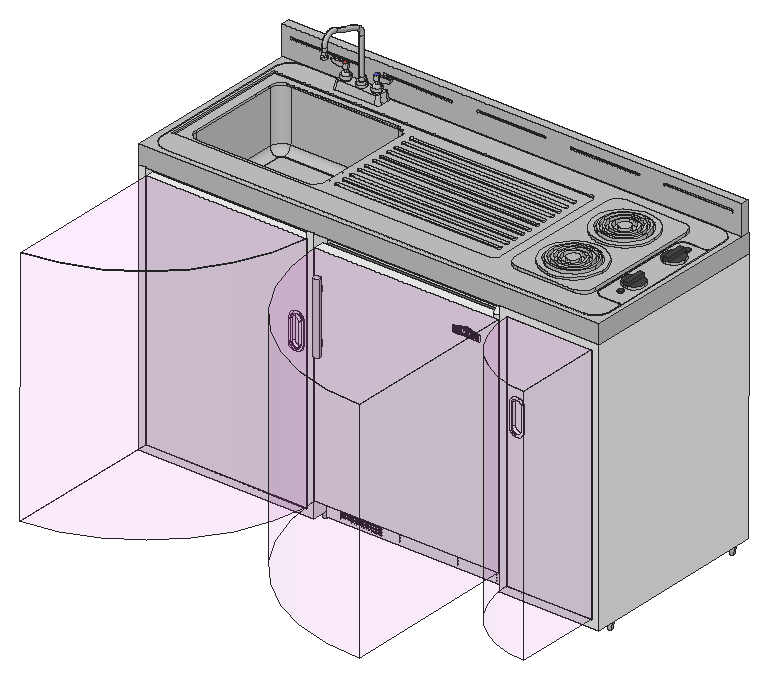
Revit family "QF_Summit_C60EL_Kitchenette", category Specialty Equipment, Revit 2020 (continued)
Definition of nested family "Summit_CT661W"
  Automatic sketch dimensions
    Extrusion 14 sketch curve to Extrusion 1 = 0"  (x3)
    Extrusion 1 to Extrusion 14 sketch curve = 3/8"
    Extrusion 14 sketch curve to Extrusion 1 = 1 9/16"
    Extrusion 14 sketch curve to Extrusion 14 sketch curve = 0"  (x30)
    Extrusion 1 to Extrusion 14 sketch curve = 1 19/32"
    Extrusion 14 sketch curve to Extrusion 14 sketch curve = 5 1/4"  (x2)
    Extrusion 1 to Extrusion 14 sketch curve = 9/16"  (x2)
    Extrusion 14 sketch curve to Extrusion 14 sketch curve = 2 1/4"  (x2)
    Extrusion 1 to Extrusion 14 sketch curve = 1 13/32"
    Extrusion 1 to Extrusion 14 sketch curve = 1 13/16"
    Extrusion 14 sketch curve to Extrusion 14 sketch curve = 3/16"  (x15)
    Extrusion 14 sketch curve to Extrusion 14 sketch curve = 1 3/16"
    Extrusion 14 sketch curve to Extrusion 14 sketch curve = 5/32"  (x16)
    Extrusion 15 sketch curve to plane 3 "RIGHT" = 0"
    Extrusion 15 sketch curve to plane 2 "LEFT" = 0"
    plane 8 "BACK" to Extrusion 15 sketch curve = 3/16"
    plane 3 "RIGHT" to Extrusion 15 sketch curve = 0.65196"
    Extrusion 15 sketch curve to Extrusion 15 sketch curve = 1/8"  (x5)
    plane 8 "BACK" to Extrusion 15 sketch curve = 5/16"  (x2)
    Extrusion 15 sketch curve to Extrusion 15 sketch curve = 3/4"  (x2)
    plane 2 "LEFT" to Extrusion 15 sketch curve = 1.58946"
    Extrusion 15 sketch curve to Extrusion 15 sketch curve = 13/16"
    plane 8 "BACK" to Extrusion 15 sketch curve = 1 1/8"
    Extrusion 16 sketch curve to Extrusion 15 = 0"  (x2)
    Extrusion 15 to Extrusion 16 sketch curve = 21.03554"
    Extrusion 15 to Extrusion 16 sketch curve = 0.35629"
    Extrusion 17 sketch curve to Extrusion 1 = 2.83449"
    Extrusion 17 sketch curve to Extrusion 17 sketch curve = 0.11212"
    Extrusion 17 sketch curve to Extrusion 1 = 0.80874"
    Extrusion 17 sketch curve to Extrusion 17 sketch curve = 0.33637"
    Extrusion 17 sketch curve to Extrusion 1 = 0.22237"
    Extrusion 17 sketch curve to Extrusion 1 = 0.09737"
    Extrusion 17 sketch curve to Extrusion 1 = 2.53076"
    Extrusion 17 sketch curve to Extrusion 17 sketch curve = 1/8"
    Extrusion 1 to Extrusion 17 sketch curve = 1.59424"
    Extrusion 18 sketch curve to plane 2 "LEFT" = 0"
    plane 4 "FRONT" to Extrusion 18 sketch curve = 0"
    Extrusion 18 sketch curve to plane 2 "LEFT" = 0.71294"
    plane 3 "RIGHT" to Extrusion 18 sketch curve = 0.00412"
    plane 4 "FRONT" to Extrusion 18 sketch curve = 0.54772"
    Extrusion 19 sketch curve to plane 3 "RIGHT" = 1 1/4"
    Extrusion 19 sketch curve to plane 4 "FRONT" = 1 1/4"
    Extrusion 20 sketch curve to Extrusion 20 sketch curve = 0"  (x6)
    Extrusion 20 sketch curve to plane 3 "RIGHT" = 0"
    plane 3 "RIGHT" to Extrusion 20 sketch curve = 0.04264"
    Extrusion 20 sketch curve to Extrusion 20 sketch curve = 0.05736"  (x2)
    plane 3 "RIGHT" to Extrusion 20 sketch curve = 0.89527"
    Extrusion 20 sketch curve to Extrusion 20 sketch curve = 0.06658"
    Extrusion 20 sketch curve to Extrusion 20 sketch curve = 0.28815"
    Extrusion 20 sketch curve to Extrusion 20 sketch curve = 1/4"
    Extrusion 20 sketch curve to plane 3 "RIGHT" = 0.025"
    Extrusion 20 sketch curve to plane 3 "RIGHT" = 0.08236"
    Extrusion 20 sketch curve to plane 3 "RIGHT" = 1/8"
    plane 4 "FRONT" to Extrusion 20 sketch curve = 1 1/4"
    Extrusion 20 sketch curve to Extrusion 20 sketch curve = 0.23999"
    Extrusion 20 sketch curve to Extrusion 20 sketch curve = 0.1535"
    Extrusion 20 sketch curve to Extrusion 20 sketch curve = 51/256"
    Extrusion 20 sketch curve to Extrusion 20 sketch curve = 0.08192"
    plane 4 "FRONT" to Extrusion 20 sketch curve = 0.27885"
    Extrusion 20 sketch curve to Extrusion 20 sketch curve = 0.01684"
    Extrusion 20 sketch curve to plane 4 "FRONT" = 0.86814"
    Extrusion 21 sketch curve to Extrusion 21 sketch curve = 0"  (x6)
    Extrusion 21 sketch curve to plane 3 "RIGHT" = 0"
    plane 3 "RIGHT" to Extrusion 21 sketch curve = 0.04264"
    Extrusion 21 sketch curve to Extrusion 21 sketch curve = 0.05736"  (x2)
    plane 3 "RIGHT" to Extrusion 21 sketch curve = 0.89527"
    Extrusion 21 sketch curve to Extrusion 21 sketch curve = 0.06658"
    Extrusion 21 sketch curve to Extrusion 21 sketch curve = 0.28815"
    Extrusion 21 sketch curve to Extrusion 21 sketch curve = 1/4"
    Extrusion 21 sketch curve to plane 3 "RIGHT" = 0.025"
    Extrusion 21 sketch curve to plane 3 "RIGHT" = 0.08236"
    Extrusion 21 sketch curve to plane 3 "RIGHT" = 1/8"
    plane 4 "FRONT" to Extrusion 21 sketch curve = 1 1/4"
    Extrusion 21 sketch curve to Extrusion 21 sketch curve = 0.23999"
    Extrusion 21 sketch curve to Extrusion 21 sketch curve = 0.1535"
    Extrusion 21 sketch curve to Extrusion 21 sketch curve = 51/256"
    Extrusion 21 sketch curve to Extrusion 21 sketch curve = 0.08192"
    plane 4 "FRONT" to Extrusion 21 sketch curve = 0.27885"
    Extrusion 21 sketch curve to Extrusion 21 sketch curve = 0.01684"
    Extrusion 21 sketch curve to plane 4 "FRONT" = 0.86814"
    curve 6 to curve 7 = 0"
    curve 6 to curve 13 = 0"  (x2)
    curve 19 to curve 20 = 0"
    curve 19 to curve 26 = 0"  (x2)
    plane 4 "FRONT" to curve 24 = 0"
    curve 23 to plane 3 "RIGHT" = 0"
    curve 10 to plane 2 "LEFT" = 0"
    plane 4 "FRONT" to curve 11 = 0"
    plane 4 "FRONT" to curve 3 = 0"
    curve 2 to plane 4 "FRONT" = 0.00241"
    curve 2 to plane 3 "RIGHT" = 0.00418"
    curve 25 to plane 3 "RIGHT" = 0.025"
    curve 17 to plane 3 "RIGHT" = 0.08236"
    curve 24 to curve 17 = 0.04264"
    plane 3 "RIGHT" to curve 22 = 0.04264"
    curve 22 to curve 23 = 0.05736"
    plane 3 "RIGHT" to curve 1 = 0.71294"
    plane 3 "RIGHT" to curve 22 = 0.89527"
    curve 21 to curve 21 = 0.05736"
    curve 21 to curve 19 = 0.35473"
    curve 19 to curve 18 = 1/4"
    plane 3 "RIGHT" to curve 16 = 3.48885"
    plane 2 "LEFT" to curve 2 = 3.48885"
    plane 2 "LEFT" to curve 5 = 1 1/2"
    curve 5 to curve 13 = 1/4"
    curve 6 to curve 8 = 0.29737"
    curve 8 to curve 9 = 0.05736"
    plane 2 "LEFT" to curve 15 = 0.71294"
    curve 10 to curve 10 = 0.1"
    plane 2 "LEFT" to curve 9 = 0.04264"
    curve 12 to plane 2 "LEFT" = 0.025"
    curve 4 to plane 2 "LEFT" = 0.08236"
    curve 4 to curve 11 = 0.04264"
    curve 15 to plane 4 "FRONT" = 0.54772"
    curve 1 to plane 4 "FRONT" = 0.54772"
    curve 3 to curve 3 = 0.13186"
    plane 4 "FRONT" to curve 23 = 0.13186"
    curve 23 to curve 24 = 0.06507"
    curve 12 to curve 9 = 0.01684"
    plane 4 "FRONT" to curve 8 = 0.72888"
    plane 4 "FRONT" to curve 21 = 0.72888"
    curve 8 to curve 9 = 0.08192"
    curve 21 to curve 22 = 0.08192"
    curve 21 to curve 18 = 0.08811"
    curve 8 to curve 5 = 0.08811"
    curve 18 to curve 20 = 0.43301"
    curve 5 to curve 7 = 0.43301"
    curve 13 to curve 2 = 10.37561"
    curve 26 to curve 19 = 3/8"
    curve 17 to curve 20 = 0.04034"
    curve 13 to curve 5 = 1/8"
    curve 7 to curve 4 = 0.04034"
    curve 1 to plane 4 "FRONT" = 0.00241"
    radius of Extrusion 3 sketch curve = 1/4"
    radius of Extrusion 19 sketch curve = 3/8"
  Nested families (in)
    nested 1: "QF_LOGO_SUMMIT" at (17.69244, -23.75, 28.86458), type "QF_LOGO_SUMMIT"
      with Show Logo yes
  Definition of nested family "QF_LOGO_SUMMIT"
    Parameters (values of type "QF_LOGO_SUMMIT")
      Show Logo [instance] = yes
      Default Elevation = 0"
    Reference planes (in)
      plane 1 "Center (Front/Back)": y = 0
      plane 2: z = 0
      plane 3 "Center (Left/Right)": x = 0
      plane 4: x = 1.72603
    Forms (in)
      Extrusion 1, solid
        sketch origin (-11.16229, 0.625, -2.89667) x (1, 0, 0) y (0, 0, -1)
          loop
            line (11.47787, -3.03897) -> (11.47787, -3.18068) -> (11.2411, -3.18068) -> (11.2411, -3.60532) -> (11.63555, -3.69212) -> (11.63555, -3.44494) -> (11.49851, -3.44494) -> (11.47737, -3.48529) -> (11.41852, -3.4847) -> (11.41852, -3.34299) -> (11.63555, -3.34299) -> (11.63555, -2.91649) -> (11.2411, -2.91649) -> (11.2411, -3.07874) -> (11.39788, -3.07874) -> (11.41903, -3.03839) -> (11.47787, -3.03897)
          loop
            line (11.73022, -2.91649) -> (11.73022, -3.71295) -> (11.89213, -3.74858) -> (11.89213, -3.14119) -> (11.97076, -3.14119) -> (11.97076, -3.76588) -> (12.12593, -3.80003) -> (12.12593, -2.91649) -> (11.73022, -2.91649)
          loop
            line (12.22795, -2.91649) -> (12.22795, -3.82675) -> (12.42218, -3.86949) -> (12.54348, -3.38385) -> (12.66208, -3.92228) -> (12.83954, -3.96133) -> (12.83954, -2.91649) -> (12.68166, -2.91649) -> (12.68166, -3.26138) -> (12.58261, -2.91649) -> (12.50318, -2.91649) -> (12.40552, -3.14057) -> (12.40552, -2.91649) -> (12.22795, -2.91649)
          loop
            line (12.93793, -2.91649) -> (12.93793, -3.96561) -> (13.13482, -3.92228) -> (13.25343, -3.38385) -> (13.37473, -3.86949) -> (13.56896, -3.82675) -> (13.56896, -2.91649) -> (13.39139, -2.91649) -> (13.39139, -3.14057) -> (13.29372, -2.91649) -> (13.2143, -2.91649) -> (13.11525, -3.26138) -> (13.11525, -2.91649) -> (12.93793, -2.91649)
          loop
            line (13.66715, -2.91649) -> (13.66715, -3.80514) -> (13.88471, -3.75727) -> (13.88471, -2.91649) -> (13.66715, -2.91649)
          loop
            line (13.98287, -3.5221) -> (13.98287, -3.73567) -> (14.516, -3.61836) -> (14.516, -3.40479) -> (14.3382, -3.44392) -> (14.3382, -2.91649) -> (14.14108, -2.91649) -> (14.14108, -3.48729) -> (13.98287, -3.5221)
        from -0.63712 to -0.625
      Extrusion 2, solid
        sketch origin (-11.16229, 0.625, -2.89667) x (1, 0, 0) y (0, 0, -1)
          loop
            line (12.88832, -4.03474) -> (14.59485, -3.66145) -> (14.59485, -2.89667) -> (11.16229, -2.89667) -> (11.16229, -3.64842) -> (12.88832, -4.03474)
          loop
            line (11.2411, -3.60532) -> (11.63555, -3.69212) -> (11.63555, -3.44494) -> (11.49851, -3.44494) -> (11.47737, -3.48529) -> (11.41852, -3.4847) -> (11.41852, -3.34299) -> (11.63555, -3.34299) -> (11.63555, -2.91649) -> (11.2411, -2.91649) -> (11.2411, -3.07874) -> (11.39788, -3.07874) -> (11.41903, -3.03839) -> (11.47787, -3.03897) -> (11.47787, -3.18068) -> (11.2411, -3.18068) -> (11.2411, -3.60532)
          loop
            line (11.73022, -3.71295) -> (11.89213, -3.74858) -> (11.89213, -3.14119) -> (11.97076, -3.14119) -> (11.97076, -3.76588) -> (12.12593, -3.80003) -> (12.12593, -2.91649) -> (11.73022, -2.91649) -> (11.73022, -3.71295)
          loop
            line (12.22795, -3.82675) -> (12.42218, -3.86949) -> (12.54348, -3.38385) -> (12.66208, -3.92228) -> (12.83954, -3.96133) -> (12.83954, -2.91649) -> (12.68166, -2.91649) -> (12.68166, -3.26138) -> (12.58261, -2.91649) -> (12.50318, -2.91649) -> (12.40552, -3.14057) -> (12.40552, -2.91649) -> (12.22795, -2.91649) -> (12.22795, -3.82675)
          loop
            line (12.93793, -3.96561) -> (13.13482, -3.92228) -> (13.25343, -3.38385) -> (13.37473, -3.86949) -> (13.56896, -3.82675) -> (13.56896, -2.91649) -> (13.39139, -2.91649) -> (13.39139, -3.14057) -> (13.29372, -2.91649) -> (13.2143, -2.91649) -> (13.11525, -3.26138) -> (13.11525, -2.91649) -> (12.93793, -2.91649) -> (12.93793, -3.96561)
          loop
            line (13.66715, -3.80514) -> (13.88471, -3.75727) -> (13.88471, -2.91649) -> (13.66715, -2.91649) -> (13.66715, -3.80514)
          loop
            line (13.98287, -3.73567) -> (14.516, -3.61836) -> (14.516, -3.40479) -> (14.3382, -3.44392) -> (14.3382, -2.91649) -> (14.14108, -2.91649) -> (14.14108, -3.48729) -> (13.98287, -3.5221) -> (13.98287, -3.73567)
        from -0.625 to -0.63712
    Dimensions and locks (in)
      plane 3 "Center (Left/Right)" to plane 4 = 1.72603"
      aligned and locked: level to plane 2
      aligned and locked: Extrusion 1 to Extrusion 2
